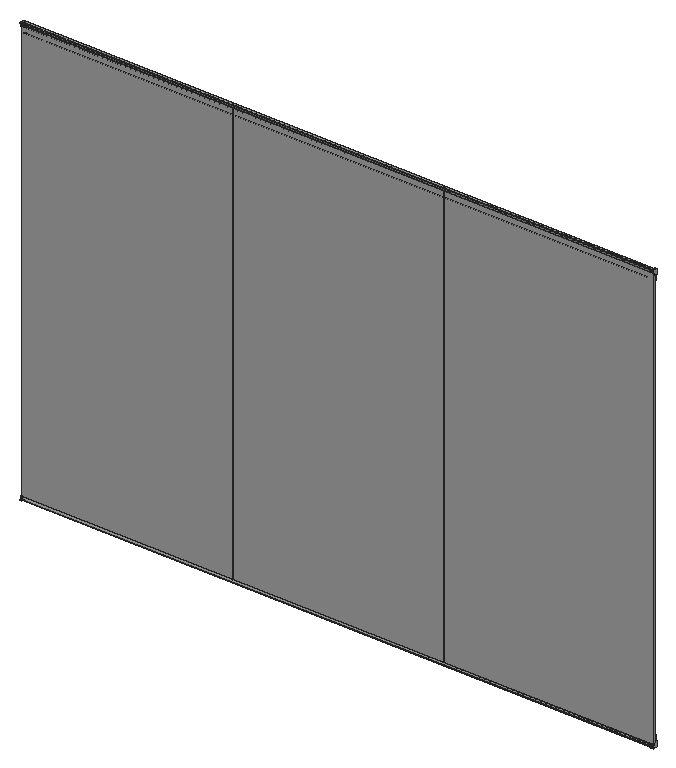
Revit family "Unity Glass Wall 8x12", category Generic Models, Revit 2018
Family settings
  Can host rebar = No
  Round Connector Dimension = Use Diameter
  Part Type = Normal
  Work Plane-Based = No
  Always vertical = Yes
  Cut with Voids When Loaded = No
  Shared = No
  Room Calculation Point = No
Parameters
  Panel #3 = Unity Glass Wall 8x12 Panel #3
  Panel #2 = Unity Glass Wall 8x12 Panel #2
  Panel #1 = Unity Glass Wall 8x12 Panel #1
Reference planes (in)
  plane 1 "Center (Front/Back)": y = 0
  plane 2: z = 0
  plane 3 "Center (Left/Right)": x = 0
Forms (in)
  Extrusion 1, solid, material "Unity Glass Wall Trim Metal"
    sketch origin (-70.86614, 0, 12.64022) x (0, 1, 0) y (0, 0, 1)
      loop
        line (0, 83.30899) -> (-0.645, 83.30899)
        arc (-0.645, 83.30899) -> (-0.70034, 83.28391) -> (-0.71795, 83.22577) r 0.07358
        arc (-0.71795, 83.22577) -> (-0.66251, 82.98163) -> (-0.5634, 82.75172) r 1.36464
        arc (-0.5634, 82.75172) -> (-0.54859, 82.73439) -> (-0.52802, 82.72453) r 0.05514
        line (-0.52802, 82.72453) -> (-0.48302, 82.72453) -> (-0.48302, 82.77531) -> (-0.51842, 82.77531)
        arc (-0.51842, 82.77531) -> (-0.6141, 82.99698) -> (-0.66761, 83.23242) r 1.31386
        arc (-0.66761, 83.23242) -> (-0.66215, 83.25044) -> (-0.645, 83.25821) r 0.0228
        line (-0.645, 83.25821) -> (-0.05078, 83.25821) -> (-0.05078, 82.12852) -> (-0.118, 82.19574) -> (-0.118, 82.45703) -> (-0.166, 82.45703) -> (-0.166, 82.19574)
        arc (-0.166, 82.19574) -> (-0.16235, 82.17737) -> (-0.15194, 82.1618) r 0.048
        line (-0.15194, 82.1618) -> (-0.1, 82.10985) -> (-0.1, 81.00078)
        arc (-0.1, 81.00078) -> (-0.05, 80.95078) -> (0, 81.00078) r 0.05
        line (0, 81.00078) -> (0, 83.30899)
    from 0.2 to 141.53228
  Extrusion 2, solid, material "Unity Glass Wall 8x12 Panel #1" <- "Panel #1"
    sketch origin (-70.86614, 0, 0.63581) x (0, 1, 0) y (0, 0, 1)
      loop
        line (-0.48802, -0.53425) -> (-0.28802, -0.53425) -> (-0.28802, 95.26263) -> (-0.48802, 95.26263) -> (-0.48802, -0.53425)
    from 0 to 47.24409
  Extrusion 3, solid, material "Unity Glass Wall Trim Metal"
    sketch origin (-23.62205, 0, 12.64022) x (0, 1, 0) y (0, 0, 1)
      loop
        line (0, 83.35978) -> (-0.645, 83.35978)
        arc (-0.645, 83.35978) -> (-0.73852, 83.31739) -> (-0.76829, 83.21911) r 0.12436
        arc (-0.76829, 83.21911) -> (-0.55414, 82.63679) -> (-0.11151, 82.20201) r 1.41542
        arc (-0.11151, 82.20201) -> (-0.09645, 82.19579) -> (-0.08019, 82.19478) r 0.04981
        line (-0.08019, 82.19478) -> (0, 82.19478) -> (0, 83.35978)
    from -47.24409 to -47.34409
  Extrusion 4, solid, material "Unity Glass Wall Trim Metal"
    sketch origin (-118.11024, 0, 12.64022) x (0, 1, 0) y (0, 0, -1)
      loop
        line (0, -83.35978) -> (0, -81.00078)
        arc (0, -81.00078) -> (-0.05, -80.95078) -> (-0.1, -81.00078) r 0.05
        line (-0.1, -81.00078) -> (-0.1, -82.10985) -> (-0.15194, -82.1618)
        arc (-0.15194, -82.1618) -> (-0.16235, -82.17737) -> (-0.166, -82.19574) r 0.048
        line (-0.166, -82.19574) -> (-0.166, -82.45703) -> (-0.118, -82.45703) -> (-0.118, -82.19574) -> (-0.048, -82.12574) -> (-0.048, -83.30899) -> (-0.645, -83.30899)
        arc (-0.645, -83.30899) -> (-0.70034, -83.28391) -> (-0.71795, -83.22577) r 0.07358
        arc (-0.71795, -83.22577) -> (-0.66202, -82.98012) -> (-0.56188, -82.74894) r 1.36464
        arc (-0.56188, -82.74894) -> (-0.5474, -82.73362) -> (-0.52802, -82.72531) r 0.05198
        line (-0.52802, -82.72531) -> (-0.48302, -82.72531) -> (-0.48302, -82.67453) -> (-0.5309, -82.67453)
        arc (-0.5309, -82.67453) -> (-0.56773, -82.68318) -> (-0.59684, -82.70734) r 0.08265
        arc (-0.59684, -82.70734) -> (-0.70718, -82.95498) -> (-0.76829, -83.21911) r 1.41542
        arc (-0.76829, -83.21911) -> (-0.73852, -83.31739) -> (-0.645, -83.35978) r 0.12436
        line (-0.645, -83.35978) -> (0, -83.35978)
    from -47.24409 to -47.44409
  Extrusion 5, solid, material "Unity Glass Wall Trim Metal"
    sketch origin (-70.86614, 0, 83.35978) x (0, 1, 0) y (0, 0, 1)
      loop
        line (0, -83.30899) -> (0, -81.00078)
        arc (0, -81.00078) -> (-0.05, -80.95078) -> (-0.1, -81.00078) r 0.05
        line (-0.1, -81.00078) -> (-0.1, -82.10985) -> (-0.15194, -82.1618)
        arc (-0.15194, -82.1618) -> (-0.16235, -82.17737) -> (-0.166, -82.19574) r 0.048
        line (-0.166, -82.19574) -> (-0.166, -82.45703) -> (-0.118, -82.45703) -> (-0.118, -82.19574) -> (-0.05078, -82.12852) -> (-0.05078, -83.25821) -> (-0.645, -83.25821)
        arc (-0.645, -83.25821) -> (-0.66215, -83.25044) -> (-0.66761, -83.23242) r 0.0228
        arc (-0.66761, -83.23242) -> (-0.6141, -82.99698) -> (-0.51842, -82.77531) r 1.31386
        line (-0.51842, -82.77531) -> (-0.48302, -82.77531) -> (-0.48302, -82.72453) -> (-0.52802, -82.72453)
        arc (-0.52802, -82.72453) -> (-0.54859, -82.73439) -> (-0.5634, -82.75172) r 0.05514
        arc (-0.5634, -82.75172) -> (-0.66251, -82.98163) -> (-0.71795, -83.22577) r 1.36464
        arc (-0.71795, -83.22577) -> (-0.70034, -83.28391) -> (-0.645, -83.30899) r 0.07358
        line (-0.645, -83.30899) -> (0, -83.30899)
    from 0.2 to 141.53228
  Extrusion 6, solid, material "Unity Glass Wall Trim Metal"
    sketch origin (-23.62205, 0, 83.35978) x (0, 1, 0) y (0, 0, 1)
      loop
        line (0, -83.35978) -> (0, -82.19478) -> (-0.08019, -82.19478)
        arc (-0.08019, -82.19478) -> (-0.09645, -82.19579) -> (-0.11151, -82.20201) r 0.04981
        arc (-0.11151, -82.20201) -> (-0.55414, -82.63679) -> (-0.76829, -83.21911) r 1.41542
        arc (-0.76829, -83.21911) -> (-0.73852, -83.31739) -> (-0.645, -83.35978) r 0.12436
        line (-0.645, -83.35978) -> (0, -83.35978)
    from -47.24409 to -47.34409
  Extrusion 7, solid, material "Unity Glass Wall Trim Metal"
    sketch origin (-118.11024, 0, 83.35978) x (0, 1, 0) y (0, 0, -1)
      loop
        line (0, 83.35978) -> (-0.645, 83.35978)
        arc (-0.645, 83.35978) -> (-0.73852, 83.31739) -> (-0.76829, 83.21911) r 0.12436
        arc (-0.76829, 83.21911) -> (-0.70718, 82.95498) -> (-0.59684, 82.70734) r 1.41542
        arc (-0.59684, 82.70734) -> (-0.56773, 82.68318) -> (-0.5309, 82.67453) r 0.08265
        line (-0.5309, 82.67453) -> (-0.48302, 82.67453) -> (-0.48302, 82.72531) -> (-0.52802, 82.72531)
        arc (-0.52802, 82.72531) -> (-0.5474, 82.73362) -> (-0.56188, 82.74894) r 0.05198
        arc (-0.56188, 82.74894) -> (-0.66202, 82.98012) -> (-0.71795, 83.22577) r 1.36464
        arc (-0.71795, 83.22577) -> (-0.70034, 83.28391) -> (-0.645, 83.30899) r 0.07358
        line (-0.645, 83.30899) -> (-0.048, 83.30899) -> (-0.048, 82.12574) -> (-0.118, 82.19574) -> (-0.118, 82.45703) -> (-0.166, 82.45703) -> (-0.166, 82.19574)
        arc (-0.166, 82.19574) -> (-0.16235, 82.17737) -> (-0.15194, 82.1618) r 0.048
        line (-0.15194, 82.1618) -> (-0.1, 82.10985) -> (-0.1, 81.00078)
        arc (-0.1, 81.00078) -> (-0.05, 80.95078) -> (0, 81.00078) r 0.05
        line (0, 81.00078) -> (0, 83.35978)
    from -47.24409 to -47.44409
  Extrusion 8, solid, material "Unity Glass Wall 8x12 Panel #2" <- "Panel #2"
    sketch origin (-23.62205, 0, 0.63581) x (0, 1, 0) y (0, 0, 1)
      loop
        line (-0.48802, -0.53425) -> (-0.28802, -0.53425) -> (-0.28802, 95.26263) -> (-0.48802, 95.26263) -> (-0.48802, -0.53425)
    from 0 to 47.24409
  Extrusion 9, solid, material "Unity Glass Wall 8x12 Panel #3" <- "Panel #3"
    sketch origin (70.86614, 0, 0.63581) x (0, 1, 0) y (0, 0, -1)
      loop
        line (-0.48802, 0.53425) -> (-0.48802, -95.26263) -> (-0.28802, -95.26263) -> (-0.28802, 0.53425) -> (-0.48802, 0.53425)
    from 0 to 47.24409
  Extrusion 10, solid, material "Unity Glass Wall Trim Metal"
    sketch origin (23.62205, 0, 12.64022) x (0, 1, 0) y (0, 0, -1)
      loop
        line (0, -83.35978) -> (0, -82.19478) -> (-0.08019, -82.19478)
        arc (-0.08019, -82.19478) -> (-0.09645, -82.19579) -> (-0.11151, -82.20201) r 0.04981
        arc (-0.11151, -82.20201) -> (-0.55414, -82.63679) -> (-0.76829, -83.21911) r 1.41542
        arc (-0.76829, -83.21911) -> (-0.73852, -83.31739) -> (-0.645, -83.35978) r 0.12436
        line (-0.645, -83.35978) -> (0, -83.35978)
    from -47.24409 to -47.34409
  Extrusion 11, solid, material "Unity Glass Wall Trim Metal"
    sketch origin (118.11024, 0, 12.64022) x (0, 1, 0) y (0, 0, 1)
      loop
        line (0, 83.35978) -> (-0.645, 83.35978)
        arc (-0.645, 83.35978) -> (-0.73852, 83.31739) -> (-0.76829, 83.21911) r 0.12436
        arc (-0.76829, 83.21911) -> (-0.70718, 82.95498) -> (-0.59684, 82.70734) r 1.41542
        arc (-0.59684, 82.70734) -> (-0.56773, 82.68318) -> (-0.5309, 82.67453) r 0.08265
        line (-0.5309, 82.67453) -> (-0.48302, 82.67453) -> (-0.48302, 82.72531) -> (-0.52802, 82.72531)
        arc (-0.52802, 82.72531) -> (-0.5474, 82.73362) -> (-0.56188, 82.74894) r 0.05198
        arc (-0.56188, 82.74894) -> (-0.66202, 82.98012) -> (-0.71795, 83.22577) r 1.36464
        arc (-0.71795, 83.22577) -> (-0.70034, 83.28391) -> (-0.645, 83.30899) r 0.07358
        line (-0.645, 83.30899) -> (-0.048, 83.30899) -> (-0.048, 82.12574) -> (-0.118, 82.19574) -> (-0.118, 82.45703) -> (-0.166, 82.45703) -> (-0.166, 82.19574)
        arc (-0.166, 82.19574) -> (-0.16235, 82.17737) -> (-0.15194, 82.1618) r 0.048
        line (-0.15194, 82.1618) -> (-0.1, 82.10985) -> (-0.1, 81.00078)
        arc (-0.1, 81.00078) -> (-0.05, 80.95078) -> (0, 81.00078) r 0.05
        line (0, 81.00078) -> (0, 83.35978)
    from -47.24409 to -47.44409
  Extrusion 12, solid, material "Unity Glass Wall Trim Metal"
    sketch origin (23.62205, 0, 83.35978) x (0, 1, 0) y (0, 0, -1)
      loop
        line (0, 83.35978) -> (-0.645, 83.35978)
        arc (-0.645, 83.35978) -> (-0.73852, 83.31739) -> (-0.76829, 83.21911) r 0.12436
        arc (-0.76829, 83.21911) -> (-0.55414, 82.63679) -> (-0.11151, 82.20201) r 1.41542
        arc (-0.11151, 82.20201) -> (-0.09645, 82.19579) -> (-0.08019, 82.19478) r 0.04981
        line (-0.08019, 82.19478) -> (0, 82.19478) -> (0, 83.35978)
    from -47.24409 to -47.34409
  Extrusion 13, solid, material "Unity Glass Wall Trim Metal"
    sketch origin (118.11024, 0, 83.35978) x (0, 1, 0) y (0, 0, 1)
      loop
        line (0, -83.35978) -> (0, -81.00078)
        arc (0, -81.00078) -> (-0.05, -80.95078) -> (-0.1, -81.00078) r 0.05
        line (-0.1, -81.00078) -> (-0.1, -82.10985) -> (-0.15194, -82.1618)
        arc (-0.15194, -82.1618) -> (-0.16235, -82.17737) -> (-0.166, -82.19574) r 0.048
        line (-0.166, -82.19574) -> (-0.166, -82.45703) -> (-0.118, -82.45703) -> (-0.118, -82.19574) -> (-0.048, -82.12574) -> (-0.048, -83.30899) -> (-0.645, -83.30899)
        arc (-0.645, -83.30899) -> (-0.70034, -83.28391) -> (-0.71795, -83.22577) r 0.07358
        arc (-0.71795, -83.22577) -> (-0.66202, -82.98012) -> (-0.56188, -82.74894) r 1.36464
        arc (-0.56188, -82.74894) -> (-0.5474, -82.73362) -> (-0.52802, -82.72531) r 0.05198
        line (-0.52802, -82.72531) -> (-0.48302, -82.72531) -> (-0.48302, -82.67453) -> (-0.5309, -82.67453)
        arc (-0.5309, -82.67453) -> (-0.56773, -82.68318) -> (-0.59684, -82.70734) r 0.08265
        arc (-0.59684, -82.70734) -> (-0.70718, -82.95498) -> (-0.76829, -83.21911) r 1.41542
        arc (-0.76829, -83.21911) -> (-0.73852, -83.31739) -> (-0.645, -83.35978) r 0.12436
        line (-0.645, -83.35978) -> (0, -83.35978)
    from -47.24409 to -47.44409
Dimensions and locks (in)
  aligned and locked: plane 2 to level
